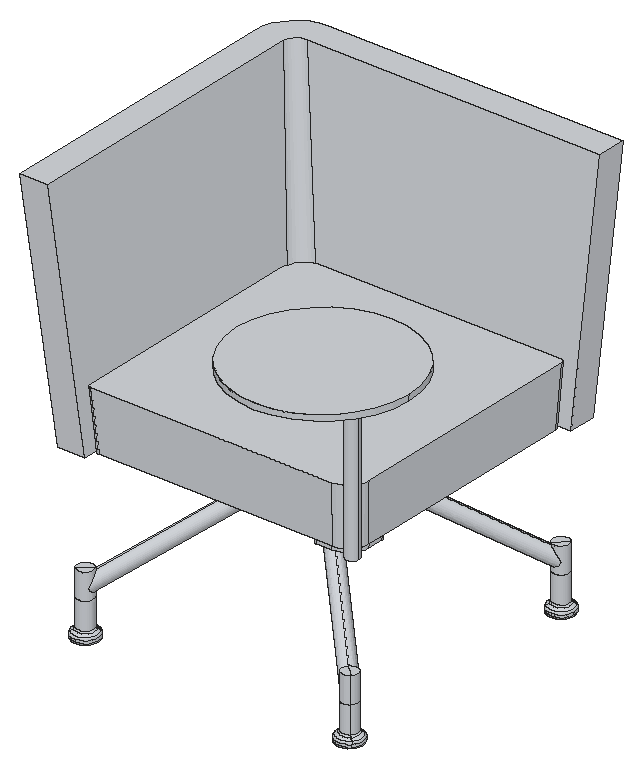
Revit family "Keilhauer_Pact_Lounge Seating_77002", category Furniture, Revit 2017
Family settings
  OmniClass Number = 23.40.70.14.64.11
  OmniClass Title = Office Furniture
  Work Plane-Based = No
  Always vertical = Yes
  Cut with Voids When Loaded = No
  Shared = No
  Room Calculation Point = No
Parameters (values of type "4-star Base with Glides")
  Type = 3
  Tablet Top [instance] = none
  Tablet Arm [instance] = none
  Seat [instance] = none
  Mobile Base = not(Flat Base)  # yes
  Glides [instance] = none
  Glide = Type = 3  # yes
  Flat Base = Type = 1  # no
  Column [instance] = none
  Caster = Type = 2  # no
  Base [instance] = none
  Casters [instance] = none
  URL = "http://www.keilhauer.com/"
  Product Documentation Link = "http://www.keilhauer.com/"
  Model = "77002"
  Manufacturer = "Keilhauer, Corp."  # constant formula
  Description = "Chair with a 4-star base with glides and tablet"
  Copyright © = "© 2021 Keilhauer, Corp."  # constant formula
  Catalog = "Pact"  # constant formula
  Back [instance] = none
  Authoring Version = "Autodesk Revit 2015"  # constant formula
  Assembly Code = "E2020200"
Types (3): name | Type | Mobile Base | Glide | Flat Base | Caster | Model | Description
  4-star Base with Glides | 3 | yes | yes | no | no | "77002" | "Chair with a 4-star base with glides and tablet"
  4-star Base with Casters | 2 | yes | no | no | yes | "77001" | "Chair with a 4-star base with casters and tablet"
  Flat Base | 1 | no | no | yes | no | "77000" | "Chair with a flat base and tablet"
Reference planes (in)
  plane 1 "Center (Front/Back)": y = 0
  plane 2: z = 0
  plane 3 "Center (Left/Right)": x = 0
  plane 4 "cas": z = 1.28025
Forms (in)
  Extrusion 1, solid, material <- "Glides", visible <- "Flat Base"
    sketch origin (0, 0, 0) x (1, 0, 0) y (0, 1, 0)
      loop
        arc (-6.30747, 4.41669) -> (0, 7.69556) -> (6.30747, 4.41669) r 7.70618
        line (6.30747, 4.41669) -> (8.19152, 5.73591)
        arc (8.19152, 5.73591) -> (0, 9.99489) -> (-8.19152, 5.73591) r 10.00709
        line (-8.19152, 5.73591) -> (-6.30747, 4.41669)
      loop
        arc (-9.06308, 4.22634) -> (-8.6637, -5.00183) -> (-0.87156, -9.96179) r 9.99465
        line (-0.87156, -9.96179) -> (-0.6711, -7.67054)
        arc (-0.6711, -7.67054) -> (-6.6693, -3.85036) -> (-6.97857, 3.25432) r 7.6986
        line (-6.97857, 3.25432) -> (-9.06308, 4.22634)
      loop
        arc (6.97857, 3.25431) -> (6.67871, -3.85581) -> (0.6711, -7.67055) r 7.68406
        line (0.6711, -7.67055) -> (0.87155, -9.9618)
        arc (0.87155, -9.9618) -> (8.65202, -4.9951) -> (9.06307, 4.22633) r 10.01282
        line (9.06307, 4.22633) -> (6.97857, 3.25431)
    from 0 to 0.25
  Extrusion 2, solid, material <- "Base", visible <- "Flat Base"
    sketch origin (-10.25149, -60, 0.25) x (-1, 0, 0) y (0, -1, 0)
      loop
        circle (-10.25346, -60) r 11
    from 0 to 0.37495
  Extrusion 3, solid, material <- "Column", visible <- "Flat Base"
    sketch origin (-10.25149, -60, 0.25) x (-1, 0, 0) y (0, -1, 0)
      loop
        circle (-10.25149, -60) r 1.19027
    from 0.37495 to 13.05108
  Extrusion 4, solid, material <- "Column"
    sketch origin (-10.25149, -60, 0.25) x (-1, 0, 0) y (0, -1, 0)
      loop
        line (-6.50149, -63.25) -> (-6.50149, -56.75)
        arc (-6.50149, -56.75) -> (-6.64794, -56.39645) -> (-7.00149, -56.25) r 0.5
        line (-7.00149, -56.25) -> (-13.50149, -56.25)
        arc (-13.50149, -56.25) -> (-13.85504, -56.39645) -> (-14.00149, -56.75) r 0.5
        line (-14.00149, -56.75) -> (-14.00149, -63.25)
        arc (-14.00149, -63.25) -> (-13.85504, -63.60355) -> (-13.50149, -63.75) r 0.5
        line (-13.50149, -63.75) -> (-7.00149, -63.75)
        arc (-7.00149, -63.75) -> (-6.64794, -63.60355) -> (-6.50149, -63.25) r 0.5
    from 13.05108 to 13.30069
  Extrusion 5, solid, material <- "Tablet Arm"
    sketch origin (0, 0, 0) x (1, 0, 0) y (0, 1, 0)
      loop
        line (8.15462, -8.40462) -> (8.15462, -10.90462)
        arc (8.15462, -10.90462) -> (8.22784, -11.0814) -> (8.40462, -11.15462) r 0.25
        line (8.40462, -11.15462) -> (9.58462, -11.15462)
        arc (9.58462, -11.15462) -> (10.69478, -10.69478) -> (11.15462, -9.58462) r 1.57
        line (11.15462, -9.58462) -> (11.15462, -8.40462)
        arc (11.15462, -8.40462) -> (11.0814, -8.22784) -> (10.90462, -8.15462) r 0.25
        line (10.90462, -8.15462) -> (8.40462, -8.15462)
        arc (8.40462, -8.15462) -> (8.22784, -8.22784) -> (8.15462, -8.40462) r 0.25
    from 13.30108 to 13.55069
  Extrusion 6, solid, material <- "Tablet Arm"
    sketch origin (0, 0, 0) x (1, 0, 0) y (0, 1, 0)
      loop
        circle (11.04833, -11.04833) r 0.5
    from 13.30108 to 27.38108
  Extrusion 7, solid, material <- "Tablet Top"
    sketch origin (0, 0, 0) x (1, 0, 0) y (0, 1, 0)
      loop
        circle (11.04934, -13.85035) r 6.50143
    from 27.80992 to 27.37236
  Blend 8, solid, material <- "Seat"
    base sketch origin (0, 0, 13.55129) x (-1, 0, 0) y (0, -1, 0)
      loop
        arc (8.37481, 10.87909) -> (8.30159, 11.05586) -> (8.12481, 11.12909) r 0.25
        line (8.12481, 11.12909) -> (-9.60266, 11.12909)
        arc (-9.60266, 11.12909) -> (-10.68208, 10.68198) -> (-11.12919, 9.60255) r 1.52653
        line (-11.12919, 9.60255) -> (-11.12919, -8.12491)
        arc (-11.12919, -8.12491) -> (-11.05597, -8.30169) -> (-10.87919, -8.37491) r 0.25
        line (-10.87919, -8.37491) -> (7.28041, -8.37491)
        arc (7.28041, -8.37491) -> (8.05427, -8.05437) -> (8.37481, -7.28052) r 1.0944
        line (8.37481, -7.28052) -> (8.37481, 10.87909)
    top sketch origin (0, 0, 13.55129) x (-1, 0, 0) y (0, -1, 0)
      loop
        line (8.67779, 11.15458) -> (-9.60874, 11.15458)
        arc (-9.60874, 11.15458) -> (-10.70189, 10.70179) -> (-11.15469, 9.60864) r 1.54595
        line (-11.15469, 9.60864) -> (-11.15469, -8.63701)
        arc (-11.15469, -8.63701) -> (-11.07141, -8.83807) -> (-10.87036, -8.92135) r 0.28433
        line (-10.87036, -8.92135) -> (7.17779, -8.92135)
        arc (7.17779, -8.92135) -> (8.41522, -8.40878) -> (8.92779, -7.17135) r 1.75
        line (8.92779, -7.17135) -> (8.92779, 10.90458)
        arc (8.92779, 10.90458) -> (8.85456, 11.08136) -> (8.67779, 11.15458) r 0.25
    from 0 to 4.31701
  Blend 9, solid, material <- "Back"
    base sketch origin (0, 0, 13.55129) x (-1, 0, 0) y (0, -1, 0)
      loop
        line (-11.9375, -10.58412) -> (7.26077, -10.58412)
        arc (7.26077, -10.58412) -> (9.60871, -9.61157) -> (10.58126, -7.26363) r 3.32049
        line (10.58126, -7.26363) -> (10.58126, 11.94531) -> (8.48126, 11.94531) -> (8.48126, -7.23412)
        arc (8.48126, -7.23412) -> (8.11514, -8.118) -> (7.23126, -8.48412) r 1.25
        line (7.23126, -8.48412) -> (-11.9375, -8.48412) -> (-11.9375, -10.58412)
    top sketch origin (0, 0, 13.55129) x (-1, 0, 0) y (0, -1, 0)
      loop
        line (-11.9375, -13.39412) -> (10.39126, -13.39412)
        arc (10.39126, -13.39412) -> (12.51258, -12.51544) -> (13.39126, -10.39412) r 3
        line (13.39126, -10.39412) -> (13.39126, 11.94531) -> (11.29126, 11.94531) -> (11.29126, -10.29412)
        arc (11.29126, -10.29412) -> (10.99837, -11.00123) -> (10.29126, -11.29412) r 1
        line (10.29126, -11.29412) -> (-11.9375, -11.29412) -> (-11.9375, -13.39412)
    from -0.0006 to 17.511
  Sweep 10, solid, material <- "Base", visible <- "Mobile Base"
    path origin (0, 0, 0) x (0.707107, -0.707107, 0) y (0, 0, 1)
      loop
        line (-14.1412, 3.522) -> (-0.16988, 11.58835)
    profile origin (-5.05973, 5.05973, 7.55517) x (-0.353553, 0.353553, 0.866025) y (-0.707107, -0.707107, 0)
      loop
        circle (0, 0) r 0.59
  Extrusion 11, solid, material <- "Base", visible <- "Mobile Base"
    sketch origin (-10.25149, -60, 0.25) x (-1, 0, 0) y (0, -1, 0)
      loop
        circle (-10.25149, -60) r 1.19027
    from 8.65112 to 13.05108
  Revolve 12, solid, material <- "Base", visible <- "Mobile Base"
    sketch origin (0, 0, 0) x (0.707107, -0.707107, 0) y (0, 0, 1)
      loop
        line (-14.15535, 2.79523) -> (-13.55577, 2.79523) -> (-13.55577, 4.71823) -> (-14.15535, 4.71823) -> (-14.15535, 2.79523)
      axis (-14.15535, 2.79523) -> (-14.15535, 4.71823)
    angle from 0 to 360
  Revolve 13, solid, material <- "Casters", visible <- "Glide"
    sketch origin (0, 0, 0) x (0.707107, -0.707107, 0) y (0, 0, 1)
      loop
        line (-14.15535, 2.73564) -> (-14.15535, 0) -> (-13.25152, 0)
        arc (-13.25152, 0) -> (-13.1842, 0.02788) -> (-13.15632, 0.09519) r 0.09519
        line (-13.15632, 0.09519) -> (-13.15632, 0.29105)
        arc (-13.15632, 0.29105) -> (-13.17938, 0.38093) -> (-13.24285, 0.44863) r 0.18675
        line (-13.24285, 0.44863) -> (-13.46703, 0.59122)
        arc (-13.46703, 0.59122) -> (-13.53213, 0.66065) -> (-13.55577, 0.75284) r 0.19155
        line (-13.55577, 0.75284) -> (-13.55577, 2.73564) -> (-14.15535, 2.73564)
      axis (-14.15535, 0) -> (-14.15535, 2.73564)
    angle from 0 to 360
  Extrusion 14, solid, material <- "Base", visible <- "Mobile Base"
    sketch origin (-2.65551, 2.65551, 0) x (-0.707107, -0.707107, 0) y (0, 0, 1)
      loop
        arc (-0.22668, 9.29019) -> (0, 9.06725) -> (0.22668, 9.29019) r 0.22671
        line (0.22668, 9.29019) -> (0.2458, 10.44015)
        arc (0.2458, 10.44015) -> (0, 10.69007) -> (-0.2458, 10.44015) r 0.24584
        line (-0.2458, 10.44015) -> (-0.22668, 9.29019)
    from 0.06979 to -3.70407
  Extrusion 15, void
    sketch origin (0, 0, 0) x (0.707107, -0.707107, 0) y (0, 0, 1)
      loop
        line (-3.88447, 10.75424) -> (-3.88447, 9.61032) -> (-1.90313, 10.75424) -> (-3.88447, 10.75424)
    from -0.43986 to 0.34035
  Revolve 16, solid, material <- "Casters", visible <- "Caster"
    sketch origin (0, 0, 1.28025) x (0, 1, 0) y (-1, 0, 0)
      loop
        line (10.93459, 10.36457) -> (10.93459, 9.65556) -> (12.21421, 9.65556) -> (12.21421, 10.36457) -> (10.93459, 10.36457)
      loop
        line (12.21421, 10.42778) -> (12.21421, 10.81462)
        arc (12.21421, 10.81462) -> (12.15696, 10.95284) -> (12.01874, 11.01009) r 0.19547
        line (12.01874, 11.01009) -> (10.93459, 11.01009) -> (10.93459, 10.42778) -> (12.21421, 10.42778)
      loop
        line (12.21421, 9.59235) -> (10.93459, 9.59235) -> (10.93459, 9.01005) -> (12.01874, 9.01005)
        arc (12.01874, 9.01005) -> (12.15696, 9.0673) -> (12.21421, 9.20552) r 0.19547
        line (12.21421, 9.20552) -> (12.21421, 9.59235)
      axis (10.93459, 9.01005) -> (10.93459, 11.01009)
    angle from 0 to 360
  Revolve 17, solid, material <- "Casters", visible <- "Caster"
    sketch origin (0, 0, 1.28025) x (0, 1, 0) y (1, 0, 0)
      loop
        line (10.93459, 10.36457) -> (10.93459, 9.65556) -> (12.21421, 9.65556) -> (12.21421, 10.36457) -> (10.93459, 10.36457)
      loop
        line (12.21421, 10.42778) -> (12.21421, 10.81462)
        arc (12.21421, 10.81462) -> (12.15696, 10.95284) -> (12.01874, 11.01009) r 0.19547
        line (12.01874, 11.01009) -> (10.93459, 11.01009) -> (10.93459, 10.42778) -> (12.21421, 10.42778)
      loop
        line (12.21421, 9.59235) -> (10.93459, 9.59235) -> (10.93459, 9.01005) -> (12.01874, 9.01005)
        arc (12.01874, 9.01005) -> (12.15696, 9.0673) -> (12.21421, 9.20552) r 0.19547
        line (12.21421, 9.20552) -> (12.21421, 9.59235)
      axis (10.93459, 9.01005) -> (10.93459, 11.01009)
    angle from 0 to 360
  Revolve 18, solid, material <- "Casters", visible <- "Caster"
    sketch origin (0, -20.02, 1.28025) x (0, 1, 0) y (-1, 0, 0)
      loop
        line (10.93459, 10.36457) -> (10.93459, 9.65556) -> (12.21421, 9.65556) -> (12.21421, 10.36457) -> (10.93459, 10.36457)
      loop
        line (12.21421, 10.42778) -> (12.21421, 10.81462)
        arc (12.21421, 10.81462) -> (12.15696, 10.95284) -> (12.01874, 11.01009) r 0.19547
        line (12.01874, 11.01009) -> (10.93459, 11.01009) -> (10.93459, 10.42778) -> (12.21421, 10.42778)
      loop
        line (12.21421, 9.59235) -> (10.93459, 9.59235) -> (10.93459, 9.01005) -> (12.01874, 9.01005)
        arc (12.01874, 9.01005) -> (12.15696, 9.0673) -> (12.21421, 9.20552) r 0.19547
        line (12.21421, 9.20552) -> (12.21421, 9.59235)
      axis (10.93459, 9.01005) -> (10.93459, 11.01009)
    angle from 0 to 360
  Revolve 19, solid, material <- "Casters", visible <- "Caster"
    sketch origin (0, -20.02, 1.28025) x (0, 1, 0) y (1, 0, 0)
      loop
        line (10.93459, 10.36457) -> (10.93459, 9.65556) -> (12.21421, 9.65556) -> (12.21421, 10.36457) -> (10.93459, 10.36457)
      loop
        line (12.21421, 10.42778) -> (12.21421, 10.81462)
        arc (12.21421, 10.81462) -> (12.15696, 10.95284) -> (12.01874, 11.01009) r 0.19547
        line (12.01874, 11.01009) -> (10.93459, 11.01009) -> (10.93459, 10.42778) -> (12.21421, 10.42778)
      loop
        line (12.21421, 9.59235) -> (10.93459, 9.59235) -> (10.93459, 9.01005) -> (12.01874, 9.01005)
        arc (12.01874, 9.01005) -> (12.15696, 9.0673) -> (12.21421, 9.20552) r 0.19547
        line (12.21421, 9.20552) -> (12.21421, 9.59235)
      axis (10.93459, 9.01005) -> (10.93459, 11.01009)
    angle from 0 to 360
  Sweep 20, solid, material <- "Base", visible <- "Mobile Base"
    path origin (0, 0, 0) x (-0.707107, -0.707107, 0) y (0, 0, -1)
      loop
        line (-14.1412, -3.522) -> (-0.16988, -11.58835)
    profile origin (5.05973, 5.05973, 7.55517) x (-0.353553, -0.353553, -0.866025) y (0.707107, -0.707107, 0)
      loop
        circle (0, 0) r 0.59
  Revolve 21, solid, material <- "Base", visible <- "Mobile Base"
    sketch origin (0, 0, 0) x (-0.707107, -0.707107, 0) y (0, 0, -1)
      loop
        line (-14.15535, -2.79523) -> (-14.15535, -4.71823) -> (-13.55577, -4.71823) -> (-13.55577, -2.79523) -> (-14.15535, -2.79523)
      axis (-14.15535, -2.79523) -> (-14.15535, -4.71823)
    angle from 0 to 360
  Revolve 22, solid, material <- "Casters", visible <- "Glide"
    sketch origin (0, 0, 0) x (-0.707107, -0.707107, 0) y (0, 0, -1)
      loop
        line (-14.15535, -2.73564) -> (-13.55577, -2.73564) -> (-13.55577, -0.75284)
        arc (-13.55577, -0.75284) -> (-13.53213, -0.66065) -> (-13.46703, -0.59122) r 0.19155
        line (-13.46703, -0.59122) -> (-13.24285, -0.44863)
        arc (-13.24285, -0.44863) -> (-13.17938, -0.38093) -> (-13.15632, -0.29105) r 0.18675
        line (-13.15632, -0.29105) -> (-13.15632, -0.09519)
        arc (-13.15632, -0.09519) -> (-13.1842, -0.02788) -> (-13.25152, 0) r 0.09519
        line (-13.25152, 0) -> (-14.15535, 0) -> (-14.15535, -2.73564)
      axis (-14.15535, 0) -> (-14.15535, -2.73564)
    angle from 0 to 360
  Extrusion 23, solid, material <- "Base", visible <- "Mobile Base"
    sketch origin (2.65551, 2.65551, 0) x (0.707107, -0.707107, 0) y (0, 0, -1)
      loop
        line (-0.22668, -9.29019) -> (-0.2458, -10.44015)
        arc (-0.2458, -10.44015) -> (0, -10.69007) -> (0.2458, -10.44015) r 0.24584
        line (0.2458, -10.44015) -> (0.22668, -9.29019)
        arc (0.22668, -9.29019) -> (0, -9.06725) -> (-0.22668, -9.29019) r 0.22671
    from 0.06979 to -3.70407
  Extrusion 24, void
    sketch origin (0, 0, 0) x (-0.707107, -0.707107, 0) y (0, 0, -1)
      loop
        line (-3.88447, -10.75424) -> (-1.90313, -10.75424) -> (-3.88447, -9.61032) -> (-3.88447, -10.75424)
    from -0.43986 to 0.34035
  Sweep 25, solid, material <- "Base", visible <- "Mobile Base"
    path origin (0, 0, 0) x (-0.707107, 0.707107, 0) y (0, 0, 1)
      loop
        line (-14.1412, 3.522) -> (-0.16988, 11.58835)
    profile origin (5.05973, -5.05973, 7.55517) x (0.353553, -0.353553, 0.866025) y (0.707107, 0.707107, 0)
      loop
        circle (0, 0) r 0.59
  Revolve 26, solid, material <- "Base", visible <- "Mobile Base"
    sketch origin (0, 0, 0) x (-0.707107, 0.707107, 0) y (0, 0, 1)
      loop
        line (-14.15535, 2.79523) -> (-13.55577, 2.79523) -> (-13.55577, 4.71823) -> (-14.15535, 4.71823) -> (-14.15535, 2.79523)
      axis (-14.15535, 2.79523) -> (-14.15535, 4.71823)
    angle from 0 to 360
  Revolve 27, solid, material <- "Casters", visible <- "Glide"
    sketch origin (0, 0, 0) x (-0.707107, 0.707107, 0) y (0, 0, 1)
      loop
        line (-14.15535, 2.73564) -> (-14.15535, 0) -> (-13.25152, 0)
        arc (-13.25152, 0) -> (-13.1842, 0.02788) -> (-13.15632, 0.09519) r 0.09519
        line (-13.15632, 0.09519) -> (-13.15632, 0.29105)
        arc (-13.15632, 0.29105) -> (-13.17938, 0.38093) -> (-13.24285, 0.44863) r 0.18675
        line (-13.24285, 0.44863) -> (-13.46703, 0.59122)
        arc (-13.46703, 0.59122) -> (-13.53213, 0.66065) -> (-13.55577, 0.75284) r 0.19155
        line (-13.55577, 0.75284) -> (-13.55577, 2.73564) -> (-14.15535, 2.73564)
      axis (-14.15535, 0) -> (-14.15535, 2.73564)
    angle from 0 to 360
  Extrusion 28, solid, material <- "Base", visible <- "Mobile Base"
    sketch origin (2.65551, -2.65551, 0) x (0.707107, 0.707107, 0) y (0, 0, 1)
      loop
        arc (-0.22668, 9.29019) -> (0, 9.06725) -> (0.22668, 9.29019) r 0.22671
        line (0.22668, 9.29019) -> (0.2458, 10.44015)
        arc (0.2458, 10.44015) -> (0, 10.69007) -> (-0.2458, 10.44015) r 0.24584
        line (-0.2458, 10.44015) -> (-0.22668, 9.29019)
    from 0.06979 to -3.70407
  Extrusion 29, void
    sketch origin (0, 0, 0) x (-0.707107, 0.707107, 0) y (0, 0, 1)
      loop
        line (-3.88447, 10.75424) -> (-3.88447, 9.61032) -> (-1.90313, 10.75424) -> (-3.88447, 10.75424)
    from -0.43986 to 0.34035
  Sweep 30, solid, material <- "Base", visible <- "Mobile Base"
    path origin (0, 0, 0) x (0.707107, 0.707107, 0) y (0, 0, -1)
      loop
        line (-14.1412, -3.522) -> (-0.16988, -11.58835)
    profile origin (-5.05973, -5.05973, 7.55517) x (0.353553, 0.353553, -0.866025) y (-0.707107, 0.707107, 0)
      loop
        circle (0, 0) r 0.59
  Revolve 31, solid, material <- "Base", visible <- "Mobile Base"
    sketch origin (0, 0, 0) x (0.707107, 0.707107, 0) y (0, 0, -1)
      loop
        line (-14.15535, -2.79523) -> (-14.15535, -4.71823) -> (-13.55577, -4.71823) -> (-13.55577, -2.79523) -> (-14.15535, -2.79523)
      axis (-14.15535, -2.79523) -> (-14.15535, -4.71823)
    angle from 0 to 360
  Revolve 32, solid, material <- "Casters", visible <- "Glide"
    sketch origin (0, 0, 0) x (0.707107, 0.707107, 0) y (0, 0, -1)
      loop
        line (-14.15535, -2.73564) -> (-13.55577, -2.73564) -> (-13.55577, -0.75284)
        arc (-13.55577, -0.75284) -> (-13.53213, -0.66065) -> (-13.46703, -0.59122) r 0.19155
        line (-13.46703, -0.59122) -> (-13.24285, -0.44863)
        arc (-13.24285, -0.44863) -> (-13.17938, -0.38093) -> (-13.15632, -0.29105) r 0.18675
        line (-13.15632, -0.29105) -> (-13.15632, -0.09519)
        arc (-13.15632, -0.09519) -> (-13.1842, -0.02788) -> (-13.25152, 0) r 0.09519
        line (-13.25152, 0) -> (-14.15535, 0) -> (-14.15535, -2.73564)
      axis (-14.15535, 0) -> (-14.15535, -2.73564)
    angle from 0 to 360
  Extrusion 33, solid, material <- "Base", visible <- "Mobile Base"
    sketch origin (-2.65551, -2.65551, 0) x (-0.707107, 0.707107, 0) y (0, 0, -1)
      loop
        line (-0.22668, -9.29019) -> (-0.2458, -10.44015)
        arc (-0.2458, -10.44015) -> (0, -10.69007) -> (0.2458, -10.44015) r 0.24584
        line (0.2458, -10.44015) -> (0.22668, -9.29019)
        arc (0.22668, -9.29019) -> (0, -9.06725) -> (-0.22668, -9.29019) r 0.22671
    from 0.06979 to -3.70407
  Extrusion 34, void
    sketch origin (0, 0, 0) x (0.707107, 0.707107, 0) y (0, 0, -1)
      loop
        line (-3.88447, -10.75424) -> (-1.90313, -10.75424) -> (-3.88447, -9.61032) -> (-3.88447, -10.75424)
    from -0.43986 to 0.34035
Cuts and joins
  Extrusion 24 cuts Sweep 10
  Extrusion 24 cuts Revolve 12
  Extrusion 15, Extrusion 24 cuts Extrusion 14
  Extrusion 29 cuts Sweep 20
  Extrusion 24, Extrusion 29 cuts Extrusion 23
  Extrusion 34 cuts Sweep 25
  Extrusion 29, Extrusion 34 cuts Extrusion 28
  Extrusion 34 cuts Extrusion 33
  joined: Sweep 10, Extrusion 11, Revolve 12, Extrusion 14, Sweep 20, Revolve 21, Extrusion 23, Sweep 25, Revolve 26, Extrusion 28, Sweep 30, Revolve 31, Extrusion 33
Lines and regions (in)
  Masking region 1
    outline origin (0, 0, 0) x (1, 0, 0) y (0, 1, 0)
      loop
        arc (-10.39126, 13.39412) -> (-12.51258, 12.51544) -> (-13.39126, 10.39412) r 3
        line (-13.39126, 10.39412) -> (-13.39126, -10.95342)
        arc (-13.39126, -10.95342) -> (-13.36878, -11.37435) -> (-13.30161, -11.7905) r 3.95289
        arc (-13.30161, -11.7905) -> (-13.28198, -11.85631) -> (-13.25256, -11.91836) r 0.44944
        arc (-13.25256, -11.91836) -> (-13.23459, -11.93714) -> (-13.2099, -11.94531) r 0.05382
        line (-13.2099, -11.94531) -> (4.83328, -11.94531)
        arc (4.83328, -11.94531) -> (14.54779, -19.33026) -> (11.9375, -7.40987) r 6.50143
        line (11.9375, -7.40987) -> (11.9375, 13.23621)
        arc (11.9375, 13.23621) -> (11.85915, 13.27273) -> (11.77602, 13.29644) r 0.54635
        arc (11.77602, 13.29644) -> (11.28833, 13.36964) -> (10.79579, 13.39412) r 4.96744
        line (10.79579, 13.39412) -> (-10.39126, 13.39412)
  symbolic lines, style "Keilhauer 2D", detail levels medium+fine
    curve 1: line (-11.35221, 11.35158, 25.813) -> (-11.35221, -11.14842, 25.813)
    curve 2: arc (-11.35221, -11.14842, 25.813) -> (-11.34221, -11.43395, 25.813) -> (-11.31227, -11.71807, 25.813) r 4.08232
    curve 3: arc (-11.31227, -11.71807, 25.813) -> (-11.2911, -11.81778, 25.813) -> (-11.2564, -11.91362, 25.813) r 0.7376
    curve 4: arc (-11.2564, -11.91362, 25.813) -> (-11.24086, -11.93406, 25.813) -> (-11.21778, -11.94531, 25.813) r 0.05547
    curve 5: line (-11.35221, 11.35158, 25.813) -> (11.16979, 11.35158, 25.813)
    curve 6: arc (11.16979, 11.35158, 25.813) -> (11.47085, 11.33912, 25.813) -> (11.76985, 11.30185, 25.813) r 3.64542
    curve 7: arc (11.76985, 11.30185, 25.813) -> (11.86014, 11.27225, 25.813) -> (11.9375, 11.21709, 25.813) r 0.31504
    curve 8: line (11.16978, 10.9475, 25.813) -> (11.16978, 9.23941, 25.813)
    curve 9: line (11.15469, 8.63827, 25.813) -> (11.15469, -7.34957, 25.813)
    curve 10: line (10.56669, 8.18741, 25.813) -> (10.56669, -7.34926, 25.813)
    curve 11: line (-8.67807, -11.15458, 25.813) -> (5.13289, -11.15458, 25.813)
    curve 12: line (-8.18731, -10.56659, 25.813) -> (5.43772, -10.56659, 25.813)
    curve 13: line (-8.43731, -10.31659, 25.813) -> (-8.43731, 8.18741, 25.813)
    curve 14: line (-8.18731, 8.43741, 25.813) -> (10.31669, 8.43741, 25.813)
    curve 15: arc (4.83328, -11.94531, 25.813) -> (7.55052, -8.36987, 25.813) -> (11.9375, -7.40987, 25.813) r 6.49926
    curve 16: arc (-7.87835, 8.93434, 25.813) -> (1.49307, 8.72373, 25.813) -> (10.86477, 8.92105, 25.813) r 215.40274
    curve 17: arc (-8.93525, 7.87757, 25.813) -> (-8.70718, -1.5075, 25.813) -> (-8.92779, -10.89274, 25.813) r 196.42727
    curve 18: line (-8.91582, 8.90899, 25.813) -> (-11.35221, 11.35158, 25.813)
    curve 19: arc (-8.18731, 8.43741, 25.813) -> (-8.36409, 8.36419, 25.813) -> (-8.43731, 8.18741, 25.813) r 0.25
    curve 20: arc (10.56669, 8.18741, 25.813) -> (10.49347, 8.36419, 25.813) -> (10.31669, 8.43741, 25.813) r 0.25
    curve 21: arc (-8.18731, -10.56659, 25.813) -> (-8.36409, -10.49336, 25.813) -> (-8.43731, -10.31659, 25.813) r 0.25
    curve 22: arc (-8.67807, -11.15458, 25.813) -> (-8.85898, -11.07712, 25.813) -> (-8.92779, -10.89274, 25.813) r 0.25
    curve 23: arc (-8.91582, 8.90899, 25.813) -> (-8.94282, 8.39361, 25.813) -> (-8.93525, 7.87757, 25.813) r 7.70057
    curve 24: arc (-8.91582, 8.90899, 25.813) -> (-8.39752, 8.93948, 25.813) -> (-7.87835, 8.93434, 25.813) r 7.56357
    curve 25: arc (11.15469, 8.63827, 25.813) -> (11.07135, 8.83887, 25.813) -> (10.87039, 8.92135, 25.813) r 0.28307
    curve 26: arc (10.86477, 8.92105, 25.813) -> (11.08122, 9.01897, 25.813) -> (11.16978, 9.23941, 25.813) r 0.31865
    curve 27: arc (11.16978, 10.9475, 25.813) -> (11.05143, 11.23323, 25.813) -> (10.76571, 11.35158, 25.813) r 0.40407
Dimensions and locks (in)
  aligned and locked: nested 1 to plane 3 "Center (Left/Right)"
  aligned and locked: plane 1 "Center (Front/Back)" to nested 1
  aligned and locked: Extrusion 1 to plane 2
Nested families (in)
  nested 1: "Furniture_Tag" at (0, 0, 0), type "Center", detail levels fine
    with Offset (LR) 0.000"
Definition of nested family "Furniture_Tag"
  Parameters
    P_Width = 0.000"
    Text_Width = "Empty"
    Text_Height = "Empty"
    Text_Diameter = "Empty"
    Text_Depth = "Empty"
    Offset (LR) [instance] = 0.000"
    Model Name = "Type Catalog"
    P_Height = 0.000"
    Distance of Center (not Change) = 0.000"
    P_Diameter = 0.000"
    P_Depth = 0.000"
  Reference planes (in)
    plane 1: y = 0
    plane 2: x = 0
  Lines and regions (in)
    reference lines
      curve 1: line (-0.44359, 0, 0) -> (0.41085, 0, 0)
      curve 3: line (0, 0.32564, 0) -> (0, -0.40221, 0)
    reference lines, not visible
      curve 2: line (-0.44359, 0.09843, 0) -> (0.41085, 0.09843, 0)
      curve 4: line (0, 0.42407, 0) -> (0, -0.30379, 0)
  Text (in)
    label "Empty" at (0.00197, -0.0079, 0), shows "Model Name"
    label "Empty" at (0.00197, 0.09052, 0), shows "Model Name", not visible
  Dimensions and locks (in)
    "Distance of Center (not Change)": plane 1 to curve 1
    "Offset (LR)": curve 3 to plane 2
  Automatic sketch dimensions
    curve 1 to curve 3 = 0.44359"
    curve 3 to curve 1 = 0.41085"
    curve 3 to curve 1 = 0.40221"
    curve 1 to curve 3 = 0.32564"
    curve 2 to curve 4 = 0.44359"
    curve 4 to curve 2 = 0.41085"
    curve 4 to curve 2 = 0.40221"
    curve 2 to curve 4 = 0.32564"
